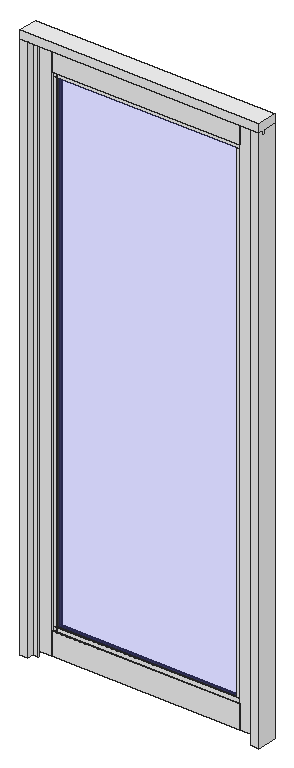
Revit family
Parameters (values of type "SHD0921")
  Frame Projection Ext. = 25 mm
  Frame Projection Int. = 25 mm
  Frame Width = 75 mm
  Height = 2090 mm
  Wall Closure = (empty or 0)
  Width = 890 mm
Reference planes
  plane 1: y = 0
  plane 2 "Center (Left/Right)": x = 0
  plane 3 "Left": x = -445
  plane 4 "Right": x = 445
  plane 5: z = 2090
  plane 6 "Exterior": y = 75
  plane 7 "Interior": y = -75
Forms (mm)
  Sweep 1, solid, material "Default Frame"
    path origin (-995, -75, 0) x (1, 0, 0) y (0, 0, -1)
      loop
        line (1440, 0) -> (1440, -2060)
    profile origin (445, -75, 1030) x (1, 0, 0) y (0, 1, 0)
      loop
        line (-48, 60.201) -> (-30, 60.201) -> (-30, 37.5) -> (0, 37.5) -> (0, 112.5) -> (-30, 112.5) -> (-30, 62.001) -> (-37.2, 62.001) -> (-37.2, 64.501) -> (-48, 64.501) -> (-48, 60.201)
  Sweep 2, solid, material "Rubber seal"
    path origin (-995, 66.75, -154) x (1, 0, 0) y (0, 0, 1)
      loop
        line (1330.977, 270.023) -> (1330.977, 2110) -> (659.023, 2110) -> (659.023, 270.023) -> (1330.977, 270.023)
    profile origin (0, 66.75, 116.023) x (0, 0, -1) y (0, -1, 0)
      loop
        line (0, 65.25) -> (0, 62) -> (5, 62) -> (5, 65.25) -> (0, 65.25)
      loop
        line (0, 52.713) -> (5, 52.713) -> (5, 56) -> (0, 56) -> (0, 52.713)
  Extrusion 3, solid, material "Glass"
    sketch origin (-995, 10.75, -154) x (1, 0, 0) y (0, 0, 1)
      loop
        line (1335.977, 2115) -> (654.023, 2115) -> (654.023, 265.023) -> (1335.977, 265.023) -> (1335.977, 2115)
    from 0 to 6
  Sweep 4, solid, material "Default Frame"
    path origin (995, -75, 0) x (-1, 0, 0) y (0, 0, 1)
      loop
        line (1440, 0) -> (1440, 2060)
    profile origin (-445, -75, 1030) x (1, 0, 0) y (0, 1, 0)
      loop
        line (48, 60.201) -> (48, 64.501) -> (37.2, 64.501) -> (37.2, 62.001) -> (30, 62.001) -> (30, 112.5) -> (0, 112.5) -> (0, 37.5) -> (30, 37.5) -> (30, 60.201) -> (48, 60.201)
  Sweep 5, solid, material "Default Frame"
    path origin (-995, -44, 0) x (1, 0, 0) y (0, 0, -1)
      loop
        line (1440, -16) -> (1440, -2056)
    profile origin (445, -44, 1036) x (1, 0, 0) y (0, 1, 0)
      loop
        line (-94, 42.5) -> (-94, 37.5) -> (-34, 37.5) -> (-34, 81.5) -> (-94, 81.5) -> (-94, 71.5) -> (-91.4, 71.5) -> (-91.4, 57.5) -> (-94, 57.5) -> (-94, 44.5) -> (-107.8, 44.5) -> (-107.8, 45.5) -> (-109, 45.5) -> (-109, 42.5) -> (-94, 42.5)
  Sweep 6, solid, material "Default Frame"
    path origin (-995, -44, 0) x (1, 0, 0) y (0, 0, -1)
      loop
        line (1440, -101) -> (1440, -1971)
    profile origin (445, -44, 1036) x (1, 0, 0) y (0, 1, 0)
      loop
        line (-109.723, 58.037) -> (-92.631, 58.037) -> (-92.375, 55.712) -> (-91.6, 55.035) -> (-91.6, 70.943) -> (-94, 70.943) -> (-94, 73.759) -> (-109.723, 58.037)
  Sweep 7, solid, material "Default Frame"
    path origin (995, -44, 0) x (-1, 0, 0) y (0, 0, 1)
      loop
        line (1440, 16) -> (1440, 2056)
    profile origin (-445, -44, 1036) x (1, 0, 0) y (0, 1, 0)
      loop
        line (94, 42.5) -> (109, 42.5) -> (109, 45.5) -> (107.8, 45.5) -> (107.8, 44.5) -> (94, 44.5) -> (94, 57.5) -> (91.4, 57.5) -> (91.4, 71.5) -> (94, 71.5) -> (94, 81.5) -> (34, 81.5) -> (34, 37.5) -> (94, 37.5) -> (94, 42.5)
  Sweep 8, solid, material "Default Frame"
    path origin (995, -44, 0) x (-1, 0, 0) y (0, 0, 1)
      loop
        line (1440, 101) -> (1440, 1971)
    profile origin (-445, -44, 1036) x (1, 0, 0) y (0, 1, 0)
      loop
        line (109.723, 58.037) -> (94, 73.759) -> (94, 70.943) -> (91.6, 70.943) -> (91.6, 55.035) -> (92.375, 55.712) -> (92.631, 58.037) -> (109.723, 58.037)
  Sweep 9, solid, material "Default Frame"
    path origin (-482, -44, 1477) x (0, 0, -1) y (-1, 0, 0)
      loop
        line (1495, -131) -> (1495, -833)
    profile origin (0, -44, -18) x (0, 0, -1) y (0, 1, 0)
      loop
        line (-119, 42.5) -> (-119, 37.5) -> (-34, 37.5) -> (-34, 81.5) -> (-119, 81.5) -> (-119, 71.5) -> (-116.4, 71.5) -> (-116.4, 57.5) -> (-119, 57.5) -> (-119, 44.5) -> (-132.8, 44.5) -> (-132.8, 45.5) -> (-134, 45.5) -> (-134, 42.5) -> (-119, 42.5)
  Sweep 10, solid, material "Default Frame"
    path origin (-482, -44, 1502) x (0, 0, -1) y (-1, 0, 0)
      loop
        line (1495, -131) -> (1495, -833)
    profile origin (0, -44, 7) x (0, 0, -1) y (0, 1, 0)
      loop
        line (-109.723, 58.037) -> (-92.631, 58.037) -> (-92.375, 55.712) -> (-91.6, 55.035) -> (-91.6, 70.943) -> (-94, 70.943) -> (-94, 73.759) -> (-109.723, 58.037)
  Sweep 11, solid, material "Default Frame"
    path origin (-482, -44, 505) x (0, 0, 1) y (1, 0, 0)
      loop
        line (1585, 131) -> (1585, 833)
    profile origin (0, -44, 2090) x (0, 0, -1) y (0, 1, 0)
      loop
        line (119, 42.5) -> (134, 42.5) -> (134, 45.5) -> (132.8, 45.5) -> (132.8, 44.5) -> (119, 44.5) -> (119, 57.5) -> (116.4, 57.5) -> (116.4, 71.5) -> (119, 71.5) -> (119, 81.5) -> (34, 81.5) -> (34, 37.5) -> (119, 37.5) -> (119, 42.5)
  Sweep 12, solid, material "Default Frame"
    path origin (-482, -44, 480) x (0, 0, 1) y (1, 0, 0)
      loop
        line (1585, 131) -> (1585, 833)
    profile origin (0, -44, 2065) x (0, 0, -1) y (0, 1, 0)
      loop
        line (109.723, 58.037) -> (94, 73.759) -> (94, 70.943) -> (91.6, 70.943) -> (91.6, 55.035) -> (92.375, 55.712) -> (92.631, 58.037) -> (109.723, 58.037)
  Sweep 13, solid, material "Default Frame"
    path origin (-1500, -75, 505) x (0, 0, 1) y (1, 0, 0)
      loop
        line (1585, 1055) -> (1585, 1945)
    profile origin (0, -75, 2090) x (0, 0, -1) y (0, 1, 0)
      loop
        line (44.8, 60.201) -> (44.8, 64.501) -> (34, 64.501) -> (34, 62.001) -> (30, 62.001) -> (30, 112.5) -> (0, 112.5) -> (0, 37.5) -> (30, 37.5) -> (30, 60.201) -> (44.8, 60.201)
Lines and regions (mm)
  Opening 1
    outline origin (-3050, -75, 0) x (1, 0, 0) y (0, 0, 1)
      loop
        line (2605, 0) -> (3495, 0) -> (3495, 2090) -> (2605, 2090) -> (2605, 0)
  symbolic lines, style "Elevation Swing"
    curve 1: line (411, -75, 1045) -> (-411, -75, 2056)
    curve 2: line (411, -75, 1045) -> (-411, -75, 16)
    curve 3: line (-411, 75, 16) -> (411, 75, 1045)
    curve 4: line (411, 75, 1045) -> (-411, 75, 2056)
  symbolic lines, style "Plan Swing"
    curve 5: arc (-411, 37.5, 0) -> (-170.242, 618.742, 0) -> (411, 859.5, 0) r 822
    curve 6: line (411, 37.5, 0) -> (411, 859.5, 0)
Text (mm)
  text "Exterior" at (-2295.016, 1099.543, 0), in view "Ref. Level"
  text "Exterior" at (0, 1615.38, 3698.081), in view "Left"
  text "Exterior" at (0, 1036.032, 3874.932), in view "Right"
Dimensions and locks
  equal spacing: plane 3 "Left", plane 2 "Center (Left/Right)", plane 4 "Right"
  "Width": plane 3 "Left" to plane 4 "Right"
  "Height": plane 5 to host wall
  equal spacing: host wall, curve 2, plane 5
  equal spacing: host wall, curve 4, plane 5
  locked: plane 6 "Exterior" to host wall at 0
  locked: plane 7 "Interior" to host wall
  locked: Sweep 2 sketch curve to Sweep 6 at 0.7
  locked: Sweep 8 to Sweep 2 sketch curve at 0.7
  locked: Sweep 2 sketch curve to Sweep 10 at 0.7
  aligned and locked: plane 3 "Left" to Opening 1 sketch curve
  aligned and locked: plane 5 to Opening 1 sketch curve  (x2)
  aligned and locked: Opening 1 sketch curve to plane 4 "Right"
  aligned and locked: Opening 1 sketch curve to level
  aligned and locked: plane 1 to host wall
  aligned and locked: Sweep 2 to Extrusion 3  (x2)
  aligned and locked: Extrusion 3 to Sweep 2
  aligned and locked: Sweep 9 sketch curve to Sweep 5
  aligned and locked: Sweep 7 to Sweep 9 sketch curve
  aligned and locked: Sweep 11 to Sweep 5 sketch curve
  aligned and locked: host wall to Sweep 13 sketch curve
  aligned and locked: Sweep 13 sketch curve to host wall
  aligned and locked: Sweep 1 sketch curve to Sweep 13
  aligned and locked: Sweep 10 sketch curve to Sweep 5
  aligned and locked: Sweep 7 to Sweep 10 sketch curve
  aligned and locked: Sweep 8 sketch curve to Sweep 9
  aligned and locked: Sweep 11 to Sweep 8 sketch curve
  aligned and locked: Sweep 6 sketch curve to Sweep 11
  aligned and locked: Sweep 9 to Sweep 6 sketch curve
  aligned and locked: Sweep 5 to Sweep 12 sketch curve
  aligned and locked: Sweep 12 sketch curve to Sweep 7
Automatic sketch dimensions
  Sweep 1 sketch curve to plane 4 "Right" = 0 mm
  Sweep 1 sketch curve to level = 0 mm
  Sweep 1 sketch curve to profile plane = 0 mm
  profile plane to Sweep 1 sketch curve = 30 mm  (x2)
  Sweep 1 sketch curve to Sweep 1 sketch curve = 7.2 mm
  Sweep 1 sketch curve to Sweep 1 sketch curve = 10.8 mm
  profile plane to Sweep 1 sketch curve = 37.5 mm
  Sweep 1 sketch curve to Sweep 1 sketch curve = 22.701 mm
  Sweep 1 sketch curve to Sweep 1 sketch curve = 1.8 mm
  Sweep 1 sketch curve to Sweep 1 sketch curve = 4.3 mm
  Sweep 1 sketch curve to Sweep 1 sketch curve = 50.499 mm
  Sweep 2 sketch curve to profile plane = 0 mm  (x2)
  Sweep 2 sketch curve to Sweep 2 sketch curve = 5 mm  (x2)
  profile plane to Sweep 2 sketch curve = 52.713 mm
  Sweep 2 sketch curve to Sweep 2 sketch curve = 3.287 mm
  Sweep 2 sketch curve to Sweep 2 sketch curve = 6 mm
  Sweep 2 sketch curve to Sweep 2 sketch curve = 3.25 mm
  plane 5 to Extrusion 3 sketch curve = 129 mm
  Extrusion 3 sketch curve to plane 3 "Left" = 104.023 mm
  plane 4 "Right" to Extrusion 3 sketch curve = 104.023 mm
  level to Extrusion 3 sketch curve = 111.023 mm
  Sweep 4 sketch curve to plane 3 "Left" = 0 mm
  Sweep 4 sketch curve to level = 0 mm
  plane 5 to Sweep 4 sketch curve = 30 mm
  Sweep 4 sketch curve to profile plane = 0 mm
  Sweep 4 sketch curve to profile plane = 30 mm  (x2)
  Sweep 4 sketch curve to Sweep 4 sketch curve = 7.2 mm
  Sweep 4 sketch curve to Sweep 4 sketch curve = 10.8 mm
  profile plane to Sweep 4 sketch curve = 37.5 mm
  Sweep 4 sketch curve to Sweep 4 sketch curve = 22.701 mm
  Sweep 4 sketch curve to Sweep 4 sketch curve = 1.8 mm
  Sweep 4 sketch curve to Sweep 4 sketch curve = 4.3 mm
  Sweep 4 sketch curve to Sweep 4 sketch curve = 50.499 mm
  Sweep 5 sketch curve to plane 4 "Right" = 0 mm
  level to Sweep 5 sketch curve = 16 mm
  profile plane to Sweep 5 sketch curve = 42.5 mm
  profile plane to Sweep 5 sketch curve = 109 mm
  Sweep 5 sketch curve to Sweep 5 sketch curve = 1.2 mm
  Sweep 5 sketch curve to Sweep 5 sketch curve = 13.8 mm  (x2)
  Sweep 5 sketch curve to Sweep 5 sketch curve = 0 mm
  Sweep 5 sketch curve to Sweep 5 sketch curve = 2.6 mm
  profile plane to Sweep 5 sketch curve = 34 mm
  profile plane to Sweep 5 sketch curve = 37.5 mm
  Sweep 5 sketch curve to Sweep 5 sketch curve = 2 mm
  Sweep 5 sketch curve to Sweep 5 sketch curve = 1 mm
  Sweep 5 sketch curve to Sweep 5 sketch curve = 13 mm
  Sweep 5 sketch curve to Sweep 5 sketch curve = 14 mm
  Sweep 5 sketch curve to Sweep 5 sketch curve = 44 mm
  Sweep 6 sketch curve to plane 4 "Right" = 0 mm
  profile plane to Sweep 6 sketch curve = 109.723 mm
  Sweep 6 sketch curve to Sweep 6 sketch curve = 15.723 mm
  Sweep 6 sketch curve to Sweep 6 sketch curve = 1.369 mm
  Sweep 6 sketch curve to Sweep 6 sketch curve = 0.257 mm
  Sweep 6 sketch curve to Sweep 6 sketch curve = 2.4 mm
  profile plane to Sweep 6 sketch curve = 55.035 mm
  Sweep 6 sketch curve to Sweep 6 sketch curve = 0.677 mm
  Sweep 6 sketch curve to Sweep 6 sketch curve = 2.324 mm
  Sweep 6 sketch curve to Sweep 6 sketch curve = 12.906 mm
  Sweep 6 sketch curve to Sweep 6 sketch curve = 2.816 mm
  Sweep 7 sketch curve to plane 3 "Left" = 0 mm
  level to Sweep 7 sketch curve = 16 mm
  Sweep 7 sketch curve to profile plane = 34 mm
  Sweep 7 sketch curve to Sweep 7 sketch curve = 57.4 mm
  Sweep 7 sketch curve to Sweep 7 sketch curve = 2.6 mm  (x2)
  Sweep 7 sketch curve to Sweep 7 sketch curve = 0 mm
  Sweep 7 sketch curve to Sweep 7 sketch curve = 13.8 mm
  Sweep 7 sketch curve to Sweep 7 sketch curve = 1.2 mm
  profile plane to Sweep 7 sketch curve = 37.5 mm
  Sweep 7 sketch curve to Sweep 7 sketch curve = 5 mm
  Sweep 7 sketch curve to Sweep 7 sketch curve = 2 mm
  Sweep 7 sketch curve to Sweep 7 sketch curve = 1 mm
  Sweep 7 sketch curve to Sweep 7 sketch curve = 13 mm
  Sweep 7 sketch curve to Sweep 7 sketch curve = 14 mm
  Sweep 7 sketch curve to Sweep 7 sketch curve = 44 mm
  Sweep 8 sketch curve to plane 3 "Left" = 0 mm
  Sweep 8 sketch curve to profile plane = 91.6 mm
  Sweep 8 sketch curve to Sweep 8 sketch curve = 0.775 mm
  Sweep 8 sketch curve to Sweep 8 sketch curve = 0.257 mm
  Sweep 8 sketch curve to Sweep 8 sketch curve = 2.4 mm
  Sweep 8 sketch curve to Sweep 8 sketch curve = 17.091 mm
  profile plane to Sweep 8 sketch curve = 55.035 mm
  Sweep 8 sketch curve to Sweep 8 sketch curve = 0.677 mm
  Sweep 8 sketch curve to Sweep 8 sketch curve = 2.324 mm
  Sweep 8 sketch curve to Sweep 8 sketch curve = 12.906 mm
  Sweep 8 sketch curve to Sweep 8 sketch curve = 2.816 mm
  Sweep 9 sketch curve to level = 18 mm
  profile plane to Sweep 9 sketch curve = 42.5 mm
  profile plane to Sweep 9 sketch curve = 134 mm
  Sweep 9 sketch curve to Sweep 9 sketch curve = 1.2 mm
  Sweep 9 sketch curve to Sweep 9 sketch curve = 13.8 mm  (x2)
  Sweep 9 sketch curve to Sweep 9 sketch curve = 0 mm
  Sweep 9 sketch curve to Sweep 9 sketch curve = 2.6 mm
  profile plane to Sweep 9 sketch curve = 34 mm
  profile plane to Sweep 9 sketch curve = 37.5 mm
  Sweep 9 sketch curve to Sweep 9 sketch curve = 2 mm
  Sweep 9 sketch curve to Sweep 9 sketch curve = 1 mm
  Sweep 9 sketch curve to Sweep 9 sketch curve = 13 mm
  Sweep 9 sketch curve to Sweep 9 sketch curve = 14 mm
  Sweep 9 sketch curve to Sweep 9 sketch curve = 44 mm
  level to Sweep 10 sketch curve = 7 mm
  profile plane to Sweep 10 sketch curve = 109.723 mm
  Sweep 10 sketch curve to Sweep 10 sketch curve = 15.723 mm
  Sweep 10 sketch curve to Sweep 10 sketch curve = 1.369 mm
  Sweep 10 sketch curve to Sweep 10 sketch curve = 0.257 mm
  Sweep 10 sketch curve to Sweep 10 sketch curve = 2.4 mm
  profile plane to Sweep 10 sketch curve = 55.035 mm
  Sweep 10 sketch curve to Sweep 10 sketch curve = 0.677 mm
  Sweep 10 sketch curve to Sweep 10 sketch curve = 2.324 mm
  Sweep 10 sketch curve to Sweep 10 sketch curve = 12.906 mm
  Sweep 10 sketch curve to Sweep 10 sketch curve = 2.816 mm
  Sweep 11 sketch curve to plane 5 = 0 mm
  plane 4 "Right" to Sweep 11 sketch curve = 94 mm
  Sweep 11 sketch curve to profile plane = 34 mm
  Sweep 11 sketch curve to Sweep 11 sketch curve = 82.4 mm
  Sweep 11 sketch curve to Sweep 11 sketch curve = 2.6 mm  (x2)
  Sweep 11 sketch curve to Sweep 11 sketch curve = 0 mm
  Sweep 11 sketch curve to Sweep 11 sketch curve = 13.8 mm
  Sweep 11 sketch curve to Sweep 11 sketch curve = 1.2 mm
  profile plane to Sweep 11 sketch curve = 37.5 mm
  Sweep 11 sketch curve to Sweep 11 sketch curve = 5 mm
  Sweep 11 sketch curve to Sweep 11 sketch curve = 2 mm
  Sweep 11 sketch curve to Sweep 11 sketch curve = 1 mm
  Sweep 11 sketch curve to Sweep 11 sketch curve = 13 mm
  Sweep 11 sketch curve to Sweep 11 sketch curve = 14 mm
  Sweep 11 sketch curve to Sweep 11 sketch curve = 44 mm
  plane 5 to Sweep 12 sketch curve = 25 mm
  Sweep 12 sketch curve to profile plane = 91.6 mm
  Sweep 12 sketch curve to Sweep 12 sketch curve = 0.775 mm
  Sweep 12 sketch curve to Sweep 12 sketch curve = 0.257 mm
  Sweep 12 sketch curve to Sweep 12 sketch curve = 2.4 mm
  Sweep 12 sketch curve to Sweep 12 sketch curve = 17.091 mm
  profile plane to Sweep 12 sketch curve = 55.035 mm
  Sweep 12 sketch curve to Sweep 12 sketch curve = 0.677 mm
  Sweep 12 sketch curve to Sweep 12 sketch curve = 2.324 mm
  Sweep 12 sketch curve to Sweep 12 sketch curve = 12.906 mm
  Sweep 12 sketch curve to Sweep 12 sketch curve = 2.816 mm
  Sweep 13 sketch curve to plane 5 = 0 mm
  Sweep 13 sketch curve to profile plane = 0 mm
  Sweep 13 sketch curve to profile plane = 30 mm  (x2)
  Sweep 13 sketch curve to Sweep 13 sketch curve = 4 mm
  Sweep 13 sketch curve to Sweep 13 sketch curve = 10.8 mm
  profile plane to Sweep 13 sketch curve = 37.5 mm
  Sweep 13 sketch curve to Sweep 13 sketch curve = 22.701 mm
  Sweep 13 sketch curve to Sweep 13 sketch curve = 1.8 mm
  Sweep 13 sketch curve to Sweep 13 sketch curve = 4.3 mm
  Sweep 13 sketch curve to Sweep 13 sketch curve = 50.499 mm
  plane 5 to Sweep 2 sketch curve = 134 mm
  plane 5 to Sweep 7 sketch curve = 34 mm
  Sweep 11 sketch curve to plane 3 "Left" = 94 mm
  curve 5 to plane 3 "Left" = 34 mm
  plane 4 "Right" to curve 5 = 34 mm
  curve 5 to host wall = 37.5 mm
  curve 6 to curve 5 = 0 mm
  plane 5 to curve 4 = 34 mm
  curve 1 to curve 4 = 0 mm
  level to curve 3 = 16 mm
  curve 2 to curve 3 = 0 mm  (x3)
  curve 1 to plane 3 "Left" = 34 mm
  curve 3 to plane 3 "Left" = 34 mm
  curve 4 to curve 1 = 0 mm
  plane 4 "Right" to curve 3 = 34 mm
